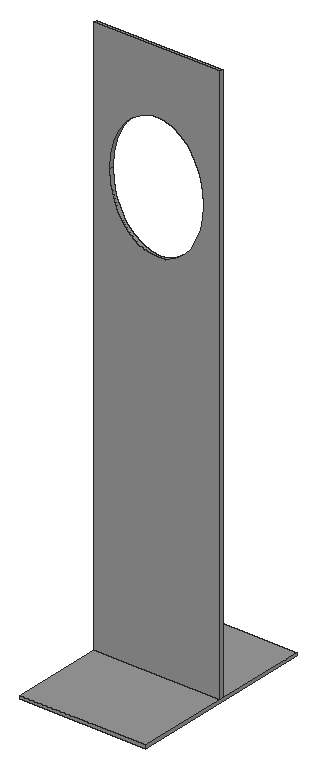
Revit family "24045 Велопарковка «Фаст» Хоббика", category Антураж, Revit 2018
Family settings
  На основе рабочей плоскости = Нет
  Всегда вертикально = Да
  При загрузке вырезать с полостями = Нет
  Источник визуального образа = Геометрия семейства
  Общий = Нет
  Точка расчета площади = Нет
Parameters (values of type "Велопарковка «Фаст»")
  Ширина = 300 mm  # constant formula
  Цвет каркаса = Сталь
  Описание = "Велопарковка «Фаст»"  # constant formula
  Материал изделия = "Сталь"  # constant formula
  Изображение типоразмера = Велопарковка «Фаст» Арт 24045.jpg
  Изготовитель = "ООО «Хоббика»"  # constant formula
  Длина = 200 mm  # constant formula
  Группа модели = "Велопарковки"  # constant formula
  Высота = 900 mm  # constant formula
  Артикул товара = "Арт. 24045"  # constant formula
  URL = "https://hobbyka.ru/product/veloparkovka_fast/"
Reference planes
  plane 1 "По центру (Вперед/Назад)": y = 0
  plane 2: z = 0
  plane 3 "По центру (Влево/Вправо)": x = 0
  plane 4: x = 200
  plane 5: y = 300
  plane 6: z = 900
Forms (mm)
  Extrusion 1, solid, material "Сталь" <- "Цвет каркаса"
    sketch origin (0, 0, 0) x (1, 0, 0) y (0, 1, 0)
      loop
        line (0, 300) -> (0, 0) -> (200, 0) -> (200, 300) -> (0, 300)
    from 0 to 5
  Extrusion 2, solid, material "Сталь" <- "Цвет каркаса"
    sketch origin (0, 0, 0) x (1, 0, 0) y (0, 0, 1)
      loop
        line (0, 900) -> (0, 5) -> (200, 5) -> (200, 900) -> (0, 900)
      loop
        spline (25, 700) -> (27.556, 674.118) -> (35.048, 650) -> (46.967, 629.289) -> (62.5, 613.397) -> (80.589, 603.407) -> (100, 600) -> (119.411, 603.407) -> (137.5, 613.397) -> (153.033, 629.289) -> (164.952, 650) -> (172.444, 674.118) -> (175, 700)
        spline (175, 700) -> (172.444, 725.882) -> (164.952, 750) -> (153.033, 770.711) -> (137.5, 786.603) -> (119.411, 796.593) -> (100, 800) -> (80.589, 796.593) -> (62.5, 786.603) -> (46.967, 770.711) -> (35.048, 750) -> (27.556, 725.882) -> (25, 700)
    from -147.5 to -152.5
Dimensions and locks
  "Длина": plane 3 "По центру (Влево/Вправо)" to plane 4
  "Ширина": plane 5 to plane 1 "По центру (Вперед/Назад)"
  "Высота": plane 6 to plane 2
  aligned and locked: level to plane 2
Automatic sketch dimensions
  plane 1 "По центру (Вперед/Назад)" to Extrusion 1 sketch curve = 0 mm
  Extrusion 1 sketch curve to plane 3 "По центру (Влево/Вправо)" = 0 mm
  Extrusion 1 sketch curve to plane 4 = 0 mm
  Extrusion 1 sketch curve to plane 5 = 0 mm
  Extrusion 2 sketch curve to plane 3 "По центру (Влево/Вправо)" = 0 mm
  Extrusion 2 sketch curve to plane 4 = 0 mm
  level to Extrusion 2 sketch curve = 5 mm
  plane 3 "По центру (Влево/Вправо)" to Extrusion 2 sketch curve = 25 mm
  Extrusion 2 sketch curve to Extrusion 2 sketch curve = 75 mm
  Extrusion 2 sketch curve to plane 6 = 200 mm
  Extrusion 2 sketch curve to plane 6 = 0 mm
